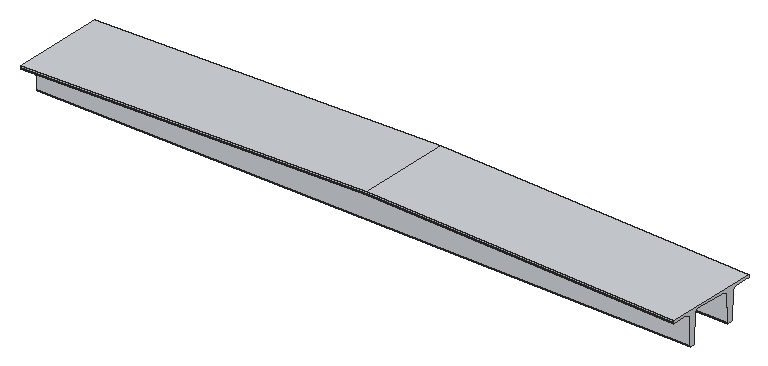
Revit family "Ribbeelement-RTP", category Structural Framing, Revit 2022
Family settings
  Section Shape = Not Defined
  Material for Model Behavior = Other
  Always export as geometry = No
  OmniClass Number = 23.25.30.11.14.14
  OmniClass Title = Beams
  Always vertical = Yes
  Cut with Voids When Loaded = No
  Symbolic Representation = From Family
  Shared = No
  Show family pre-cut in plan views = Yes
Parameters (values of type "RTPA 102")
  _LengthHandle [instance] = 16700 mm
  _Length [instance] = if(Length Max < _LengthHandle, Length Max, _LengthHandle)  # 16700 mm
  _KipDisplacementPos [instance] = if(and(_KipDisplacement > 0 mm, Length / 2 > abs(_KipDisplacement)), abs(_KipDisplacement), 0 mm)  # 0 mm
  _KipDisplacement [instance] = if(Kipforskydning Maks < Kipforskydning, Kipforskydning Maks, if(Kipforskydning Min > Kipforskydning, Kipforskydning Min, Kipforskydning))  # -500 mm
  _KipDisplacementNeg [instance] = if(and(_KipDisplacement < 0 mm, Length / 2 > abs(_KipDisplacement)), abs(_KipDisplacement), 0 mm)  # 500 mm
  Ribbe CC Afstand = if(Tværsnit RTPA, 1200 mm, 1800 mm)  # 1200 mm
  Pladetykkelse Standard = 60 mm  # constant formula
  Pladetykkelse = 60 mm
  Pladebredde 2 = 1196 mm
  Pladebredde 1 = 1196 mm
  Model = if(Tværsnit RTPA, "RTPA", "RTPB")  # "RTPA"
  Tværsnit RTPB = not(Tværsnit RTPA)  # no
  Tværsnit RTPA = yes
  Length Max = if(Tværsnit RTPA, if(Højde Standard < 900 mm, 24300 mm, if(Højde Standard < 1020 mm, 33400 mm, 36300 mm)), if(Højde Standard < 900 mm, 24360 mm, if(Højde Standard < 1020 mm, 32000 mm, 36000 mm)))  # 36300 mm
  Kipforskydning Min [instance] = -(Length Max - Length) / 2  # -9550 mm
  Kipforskydning Maks [instance] = (Length Max - Length) / 2  # 9550 mm
  Kipforskydning [instance] = -500 mm
  Højde Standard = 1020 mm
  CRH_RFA_TimeStamp_LastSave = 20240227  # constant formula
  CRH_RFA_TimeStamp_LastRelease = 20240227  # constant formula
  CRH_RFA_Bruger_LastSave = "kvnUVH7F"  # constant formula
  CRH_RFA_Bruger_LastRelease = "kvnUVH7F"  # constant formula
  Bredde = Pladebredde 1 + Pladebredde 2  # 2392 mm
  Structural Material [instance] = (empty or 0)
  Manufacturer = "CRH Concrete"  # constant formula
  Length [instance] = 17200 mm
  Højde = Højde Standard - Pladetykkelse Standard + Pladetykkelse  # 1020 mm
Types (9, lengths in mm): name | _KipDisplacement | _KipDisplacementNeg | Ribbe CC Afstand | Model | Tværsnit RTPB | Tværsnit RTPA | Length Max | Kipforskydning Min | Kipforskydning Maks | Kipforskydning | Højde Standard | Højde
  (no name) | -500 | 500 | 1200 | "RTPA" | no | yes | 36300 | -9550 | 9550 | -500 | 1020 | 1020
  RTPA 102 | -500 | 500 | 1200 | "RTPA" | no | yes | 36300 | -9550 | 9550 | -500 | 1020 | 1020
  RTPA 72 | 0 | 0 | 1200 | "RTPA" | no | yes | 24300 | -3550 | 3550 | 0 | 720 | 720
  RTPA 90 | 0 | 0 | 1200 | "RTPA" | no | yes | 33400 | -8100 | 8100 | 0 | 900 | 900
  RTPA 60 | 0 | 0 | 1200 | "RTPA" | no | yes | 24300 | -3550 | 3550 | 0 | 600 | 600
  RTPB 102 | 0 | 0 | 1800 | "RTPB" | yes | no | 36000 | -9400 | 9400 | 0 | 1020 | 1020
  RTPB 90 | 0 | 0 | 1800 | "RTPB" | yes | no | 32000 | -7400 | 7400 | 0 | 900 | 900
  RTPB 72 | 0 | 0 | 1800 | "RTPB" | yes | no | 24360 | -3580 | 3580 | 0 | 720 | 720
  RTPB 60 | 0 | 0 | 1800 | "RTPB" | yes | no | 24360 | -3580 | 3580 | 0 | 600 | 600
Reference planes
  plane 1 "Center (Front/Back)": y = 0
  plane 2 "Center Elevation": z = 0
  plane 3 "Center (Left/Right)": x = 0
  plane 4 "Left": x = -8600
  plane 5 "Member Left": x = -8350
  plane 6 "Stick Symbol Left": x = -8100
  plane 7 "Right": x = 8600
  plane 8 "Member Right": x = 8350
  plane 9 "Stick Symbol Right": x = 8100
  plane 10: y = 600
  plane 11: y = -600
  plane 12 "Left Adjusted": x = -8350
  plane 13 "Right Adjusted": x = 8350
  plane 14 "Kip": x = 0
  plane 15 "Kip Negative": x = 500
Lines and regions (mm)
  model lines, style "Stick Symbols", not visible, detail levels coarse
    curve 1: line (-8100, 0, 0) -> (8100, 0, 0)
Dimensions and locks
  equal spacing: plane 5 "Member Left", plane 3 "Center (Left/Right)", plane 8 "Member Right"
  "Length": plane 4 "Left" to plane 7 "Right"
  equal spacing: plane 10, plane 1 "Center (Front/Back)", plane 11
  "Ribbe CC Afstand": plane 10 to plane 11
  "_LengthHandle": plane 5 "Member Left" to plane 8 "Member Right"
  equal spacing: plane 12 "Left Adjusted", plane 3 "Center (Left/Right)", plane 13 "Right Adjusted"
  "_Length": plane 12 "Left Adjusted" to plane 13 "Right Adjusted"
  "_KipDisplacementNeg": plane 3 "Center (Left/Right)" to plane 15 "Kip Negative"
  "_KipDisplacementPos": plane 14 "Kip" to plane 3 "Center (Left/Right)"
  aligned and locked: plane 1 "Center (Front/Back)" to curve 1
  aligned and locked: plane 6 "Stick Symbol Left" to curve 1
  aligned and locked: plane 9 "Stick Symbol Right" to curve 1
  aligned and locked: plane 2 "Center Elevation" to level
  aligned and locked: nested 1 to plane 12 "Left Adjusted"
  aligned and locked: nested 1 to plane 13 "Right Adjusted"
  aligned and locked: nested 2 to plane 12 "Left Adjusted"
  aligned and locked: nested 2 to plane 13 "Right Adjusted"
  aligned and locked: plane 1 "Center (Front/Back)" to nested 2
  aligned and locked: plane 1 "Center (Front/Back)" to nested 1
Nested families
  nested 1: "xNested - Geometry RTPA" at (0, 0, 0), visible <- "Tværsnit RTPA", type "xNested - Geometry RTPA"
    with _OffsetSection -1020 mm, _KipPositive 0 mm, _KipNegative 500 mm, _Kip Displacement -500 mm, _HeightSection2 823.75 mm, _HeightSection1 1020 mm, _HeightSection0 798.75 mm, Structural Material (empty or 0), Length 16700 mm, Kip Displacement Max 9800 mm
  nested 2: "xNested - Geometry RTPB" at (0, 0, 0), visible <- "Tværsnit RTPB", type "xNested - Geometry RTPB"
    with _OffsetSection -1020 mm, _KipPositive 0 mm, _KipNegative 500 mm, _Kip Displacement -500 mm, _HeightSection2 823.75 mm, _HeightSection1 1020 mm, _HeightSection0 798.75 mm, Structural Material (empty or 0), Length 16700 mm, Kip Displacement Max 9800 mm
Definition of nested family "xNested - Geometry RTPA"
  Parameters (values of type "xNested - Geometry RTPA")
    _PlateSlope = 1 / 40  # 0.025
    _OffsetSection [instance] = -Height  # -1020 mm
    _KipPositive [instance] = if(and(_Kip Displacement > 0 mm, Length / 2 > abs(_Kip Displacement)), abs(_Kip Displacement), 0 mm)  # 0 mm
    _KipNegative [instance] = if(and(_Kip Displacement < 0 mm, Length / 2 > abs(_Kip Displacement)), abs(_Kip Displacement), 0 mm)  # 500 mm
    _Kip Displacement [instance] = if(Kip Displacement Max < Kip Displacement, Kip Displacement Max, if(-Kip Displacement Max > Kip Displacement, -Kip Displacement Max, Kip Displacement))  # -500 mm
    Structural Material [instance] = (empty or 0)
    _HeightSection2 [instance] = Height - if(Length / 2 > abs(_Kip Displacement), (Length / 2 + _Kip Displacement) * _PlateSlope, (abs(_Kip Displacement) - Length / 2 + if(_Kip Displacement > 0 mm, Length, 0 mm)) * _PlateSlope)  # 817.5 mm
    _HeightSection1 [instance] = if(Length / 2 > abs(_Kip Displacement), Height, (_HeightSection0 + _HeightSection2) / 2)  # 1020 mm
    _HeightSection0 [instance] = Height - if(Length / 2 > abs(_Kip Displacement), (Length / 2 - _Kip Displacement) * _PlateSlope, (abs(_Kip Displacement) - Length / 2 + if(_Kip Displacement > 0 mm, 0 mm, Length)) * _PlateSlope)  # 792.5 mm
    Plate Width 2 = 1196 mm
    Plate Width 1 = 1196 mm
    Plate Thickness = 60 mm
    Length Max = 36300 mm
    Length [instance] = 17200 mm
    Kip Displacement Max [instance] = (Length Max - Length) / 2  # 9550 mm
    Kip Displacement = -500 mm
    Height = 1020 mm
  Reference planes
    plane 1 "Center (Front/Back)": y = 0
    plane 2: z = 0
    plane 3 "Center (Left/Right)": x = 0
    plane 4 "Left": x = -8600
    plane 5 "Right": x = 8600
    plane 6 "Kip Positive": x = 500
    plane 7 "Kip Negative": x = 500
  Forms (mm)
    SweptBlend 1, solid
      path origin (0, 0, 0) x (1, 0, 0) y (0, 1, 0)
        loop
          line (-8600, 0) -> (500, 0)
      profile "Profile-RTPA : Left" origin (-8600, 0, 0) x (0, 1, 0) y (0, 0, 1)
        loop
          line (-1196, -227.5) -> (-1196, -277.5) -> (-1186, -287.5) -> (-787.3, -287.5) -> (-687.3, -337.5) -> (-660.417, -1009.583) -> (-650, -1020) -> (-550, -1020) -> (-539.583, -1009.583) -> (-512.3, -327.5) -> (-412.3, -277.5) -> (412.3, -277.5) -> (512.3, -327.5) -> (539.583, -1009.583) -> (550, -1020) -> (650, -1020) -> (660.417, -1009.583) -> (687.3, -337.5) -> (787.3, -287.5) -> (1186, -287.5) -> (1196, -277.5) -> (1196, -227.5) -> (-1196, -227.5)
      end profile "Profile-RTPA : Center" origin (500, 0, 0) x (0, 1, 0) y (0, 0, 1)
        loop
          line (-1196, 0) -> (-1196, -50) -> (-1186, -60) -> (-796.4, -60) -> (-696.4, -110) -> (-660.417, -1009.583) -> (-650, -1020) -> (-550, -1020) -> (-539.583, -1009.583) -> (-503.2, -100) -> (-403.2, -50) -> (403.2, -50) -> (503.2, -100) -> (539.583, -1009.583) -> (550, -1020) -> (650, -1020) -> (660.417, -1009.583) -> (696.4, -110) -> (796.4, -60) -> (1186, -60) -> (1196, -50) -> (1196, 0) -> (-1196, 0)
    SweptBlend 2, solid
      path origin (0, 0, 0) x (1, 0, 0) y (0, 1, 0)
        loop
          line (500, 0) -> (8600, 0)
      profile "Profile-RTPA : Center" origin (500, 0, 0) x (0, 1, 0) y (0, 0, 1)
        loop
          line (-1196, 0) -> (-1196, -50) -> (-1186, -60) -> (-796.4, -60) -> (-696.4, -110) -> (-660.417, -1009.583) -> (-650, -1020) -> (-550, -1020) -> (-539.583, -1009.583) -> (-503.2, -100) -> (-403.2, -50) -> (403.2, -50) -> (503.2, -100) -> (539.583, -1009.583) -> (550, -1020) -> (650, -1020) -> (660.417, -1009.583) -> (696.4, -110) -> (796.4, -60) -> (1186, -60) -> (1196, -50) -> (1196, 0) -> (-1196, 0)
      end profile "Profile-RTPA : Right" origin (8600, 0, 0) x (0, 1, 0) y (0, 0, 1)
        loop
          line (-1196, -202.5) -> (-1196, -252.5) -> (-1186, -262.5) -> (-788.3, -262.5) -> (-688.3, -312.5) -> (-660.417, -1009.583) -> (-650, -1020) -> (-550, -1020) -> (-539.583, -1009.583) -> (-511.3, -302.5) -> (-411.3, -252.5) -> (411.3, -252.5) -> (511.3, -302.5) -> (539.583, -1009.583) -> (550, -1020) -> (650, -1020) -> (660.417, -1009.583) -> (688.3, -312.5) -> (788.3, -262.5) -> (1186, -262.5) -> (1196, -252.5) -> (1196, -202.5) -> (-1196, -202.5)
  Cuts and joins
    joined: SweptBlend 1, SweptBlend 2
  Dimensions and locks
    equal spacing: plane 4 "Left", plane 3 "Center (Left/Right)", plane 5 "Right"
    "Length": plane 4 "Left" to plane 5 "Right"
    "_KipNegative": plane 3 "Center (Left/Right)" to plane 7 "Kip Negative"
    "_KipPositive": plane 6 "Kip Positive" to plane 7 "Kip Negative"
    aligned and locked: plane 2 to level
    aligned and locked: plane 4 "Left" to SweptBlend 1 sketch curve
    aligned and locked: plane 5 "Right" to SweptBlend 2 sketch curve
    aligned and locked: plane 6 "Kip Positive" to SweptBlend 1 sketch curve
    aligned and locked: plane 6 "Kip Positive" to SweptBlend 2 sketch curve
  Automatic sketch dimensions
    plane 1 "Center (Front/Back)" to SweptBlend 1 sketch curve = 0 mm
    plane 1 "Center (Front/Back)" to SweptBlend 2 sketch curve = 0 mm
Definition of nested family "xNested - Geometry RTPB"
  Parameters (values of type "xNested - Geometry RTPB")
    _PlateSlope = 1 / 40  # 0.025
    _OffsetSection [instance] = -Height  # -1020 mm
    _KipPositive [instance] = if(and(_Kip Displacement > 0 mm, Length / 2 > abs(_Kip Displacement)), abs(_Kip Displacement), 0 mm)  # 0 mm
    _KipNegative [instance] = if(and(_Kip Displacement < 0 mm, Length / 2 > abs(_Kip Displacement)), abs(_Kip Displacement), 0 mm)  # 500 mm
    _Kip Displacement [instance] = if(Kip Displacement Max < Kip Displacement, Kip Displacement Max, if(-Kip Displacement Max > Kip Displacement, -Kip Displacement Max, Kip Displacement))  # -500 mm
    Structural Material [instance] = (empty or 0)
    _HeightSection2 [instance] = Height - if(Length / 2 > abs(_Kip Displacement), (Length / 2 + _Kip Displacement) * _PlateSlope, (abs(_Kip Displacement) - Length / 2 + if(_Kip Displacement > 0 mm, Length, 0 mm)) * _PlateSlope)  # 817.5 mm
    _HeightSection1 [instance] = if(Length / 2 > abs(_Kip Displacement), Height, (_HeightSection0 + _HeightSection2) / 2)  # 1020 mm
    _HeightSection0 [instance] = Height - if(Length / 2 > abs(_Kip Displacement), (Length / 2 - _Kip Displacement) * _PlateSlope, (abs(_Kip Displacement) - Length / 2 + if(_Kip Displacement > 0 mm, 0 mm, Length)) * _PlateSlope)  # 792.5 mm
    Plate Width 2 = 1196 mm
    Plate Width 1 = 1196 mm
    Plate Thickness = 60 mm
    Length Max = 36300 mm
    Length [instance] = 17200 mm
    Kip Displacement Max [instance] = (Length Max - Length) / 2  # 9550 mm
    Kip Displacement = -500 mm
    Height = 1020 mm
  Reference planes
    plane 1 "Center (Front/Back)": y = 0
    plane 2: z = 0
    plane 3 "Center (Left/Right)": x = 0
    plane 4 "Left": x = -8600
    plane 5 "Right": x = 8600
    plane 6 "Kip Positive": x = 500
    plane 7 "Kip Negative": x = 500
  Forms (mm)
    SweptBlend 1, solid
      path origin (0, 0, 0) x (1, 0, 0) y (0, 1, 0)
        loop
          line (-8600, 0) -> (500, 0)
      profile "Profile-RTPB : Left" origin (-8600, 0, 0) x (0, 1, 0) y (0, 0, 1)
        loop
          line (-1196, -227.5) -> (-1196, -277.5) -> (-1186, -287.5) -> (-979.3, -287.5) -> (-950.417, -1009.583) -> (-940, -1020) -> (-860, -1020) -> (-849.583, -1009.583) -> (-820.7, -287.5) -> (-600, -287.5) -> (-590, -267.5) -> (590, -267.5) -> (600, -287.5) -> (820.7, -287.5) -> (849.583, -1009.583) -> (860, -1020) -> (940, -1020) -> (950.417, -1009.583) -> (979.3, -287.5) -> (1186, -287.5) -> (1196, -277.5) -> (1196, -227.5) -> (-1196, -227.5)
      end profile "Profile-RTPB : Center" origin (500, 0, 0) x (0, 1, 0) y (0, 0, 1)
        loop
          line (-1196, 0) -> (-1196, -50) -> (-1186, -60) -> (-988.4, -60) -> (-950.417, -1009.583) -> (-940, -1020) -> (-860, -1020) -> (-849.583, -1009.583) -> (-811.6, -60) -> (-600, -60) -> (-590, -40) -> (590, -40) -> (600, -60) -> (811.6, -60) -> (849.583, -1009.583) -> (860, -1020) -> (940, -1020) -> (950.417, -1009.583) -> (988.4, -60) -> (1186, -60) -> (1196, -50) -> (1196, 0) -> (-1196, 0)
    SweptBlend 2, solid
      path origin (0, 0, 0) x (1, 0, 0) y (0, 1, 0)
        loop
          line (500, 0) -> (8600, 0)
      profile "Profile-RTPB : Center" origin (500, 0, 0) x (0, 1, 0) y (0, 0, 1)
        loop
          line (-1196, 0) -> (-1196, -50) -> (-1186, -60) -> (-988.4, -60) -> (-950.417, -1009.583) -> (-940, -1020) -> (-860, -1020) -> (-849.583, -1009.583) -> (-811.6, -60) -> (-600, -60) -> (-590, -40) -> (590, -40) -> (600, -60) -> (811.6, -60) -> (849.583, -1009.583) -> (860, -1020) -> (940, -1020) -> (950.417, -1009.583) -> (988.4, -60) -> (1186, -60) -> (1196, -50) -> (1196, 0) -> (-1196, 0)
      end profile "Profile-RTPB : Right" origin (8600, 0, 0) x (0, 1, 0) y (0, 0, 1)
        loop
          line (-1196, -202.5) -> (-1196, -252.5) -> (-1186, -262.5) -> (-980.3, -262.5) -> (-950.417, -1009.583) -> (-940, -1020) -> (-860, -1020) -> (-849.583, -1009.583) -> (-819.7, -262.5) -> (-600, -262.5) -> (-590, -242.5) -> (590, -242.5) -> (600, -262.5) -> (819.7, -262.5) -> (849.583, -1009.583) -> (860, -1020) -> (940, -1020) -> (950.417, -1009.583) -> (980.3, -262.5) -> (1186, -262.5) -> (1196, -252.5) -> (1196, -202.5) -> (-1196, -202.5)
  Cuts and joins
    joined: SweptBlend 1, SweptBlend 2
  Dimensions and locks
    equal spacing: plane 4 "Left", plane 3 "Center (Left/Right)", plane 5 "Right"
    "Length": plane 4 "Left" to plane 5 "Right"
    "_KipNegative": plane 3 "Center (Left/Right)" to plane 7 "Kip Negative"
    "_KipPositive": plane 6 "Kip Positive" to plane 7 "Kip Negative"
    aligned and locked: plane 2 to level
    aligned and locked: plane 4 "Left" to SweptBlend 1 sketch curve
    aligned and locked: plane 5 "Right" to SweptBlend 2 sketch curve
    aligned and locked: plane 6 "Kip Positive" to SweptBlend 1 sketch curve
    aligned and locked: plane 6 "Kip Positive" to SweptBlend 2 sketch curve
  Automatic sketch dimensions
    plane 1 "Center (Front/Back)" to SweptBlend 1 sketch curve = 0 mm
    plane 1 "Center (Front/Back)" to SweptBlend 2 sketch curve = 0 mm
